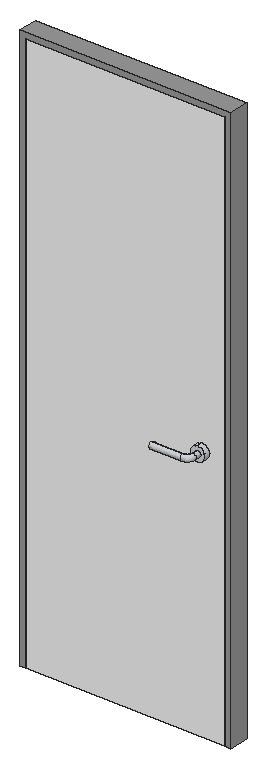
Revit family "- Acero Roman", category Doors, host Wall, Revit 2018
Family settings
  Host = Wall
  OmniClass Number = 23.30.10.00
  OmniClass Title = Doors
  Always vertical = Yes
  Cut with Voids When Loaded = No
  Shared = No
  Room Calculation Point = No
Parameters (values of type "- 70 x 200 cm")
  Bisagras = ""
  Set de Marcos = ""
  Relleno = ""
  Material Marco = - Perfil Aluminio
  Material Hoja = - Acero
  Manilla = - Manilla
  Hojas = "Simple de Abatir"
  Function = Interior
  Frame Projection Ext. = 2.50 cm
  Frame Projection Int. = 2.50 cm
  Frame Width = 7.50 cm
  Height = 200.00 cm
  Wall Closure = By host
  Width = 74.00 cm
  Distancia a Cara Interior = 6.00 cm
  Ancho Hoja = Width - 4.00 cm  # 70.00 cm
  Ancho = Width  # 74.00 cm
  Analytic Construction = "<None>"
  Alto = Height  # 200.00 cm
Types (12, lengths in cm): name | Height | Width | Ancho Hoja | Ancho | Alto
  - 70 x 200 cm | 200.00 | 74.00 | 70.00 | 74.00 | 200.00
  - 75 x 200 cm | 200.00 | 79.00 | 75.00 | 79.00 | 200.00
  - 80 x 200 cm | 200.00 | 84.00 | 80.00 | 84.00 | 200.00
  - 85 x 200 cm | 200.00 | 89.00 | 85.00 | 89.00 | 200.00
  - 90 x 200 cm | 200.00 | 94.00 | 90.00 | 94.00 | 200.00
  -100 x 200 cm | 200.00 | 104.00 | 100.00 | 104.00 | 200.00
  - 70 x 210 cm | 210.00 | 74.00 | 70.00 | 74.00 | 210.00
  - 75 x 210 cm | 210.00 | 79.00 | 75.00 | 79.00 | 210.00
  - 80 x 210 cm | 210.00 | 84.00 | 80.00 | 84.00 | 210.00
  - 85 x 210 cm | 210.00 | 89.00 | 85.00 | 89.00 | 210.00
  - 90 x 210 cm | 210.00 | 94.00 | 90.00 | 94.00 | 210.00
  - 100 x 210 cm | 210.00 | 104.00 | 100.00 | 104.00 | 210.00
Reference planes (cm)
  plane 1: y = 0
  plane 2 "Center (Left/Right)": x = 0
  plane 3 "Left": x = -37
  plane 4 "Right": x = 37
  plane 5: z = 200
  plane 6 "Exterior": y = 7.5
  plane 7 "Interior": y = -7.5
  plane 8: y = -1.5
  plane 9: z = 198
  plane 10: x = -35
  plane 11: x = 35
Forms (cm)
  Sweep 1, solid, material "- Perfil Aluminio" <- "Material Marco"
    path origin (0, 7.5, 0) x (1, 0, 0) y (0, 0, 1)
      loop
        line (37, 0) -> (37, 200) -> (-37, 200) -> (-37, 0)
    profile origin (37, 7.5, 100) x (-1, 0, 0) y (0, -1, 0)
      loop
        line (0, 2) -> (3, 2) -> (3, 4.3) -> (2, 4.3) -> (2, 9) -> (0, 9) -> (0, 2)
  Extrusion 2, solid, material "- Acero" <- "Material Hoja"
    sketch origin (0, 0, 0) x (1, 0, 0) y (0, 1, 0)
      loop
        line (-35, -1.5) -> (35, -1.5) -> (35, 3) -> (-35, 3) -> (-35, -1.5)
    from 0 to 198
  Sweep 3, solid, material "- Manilla" <- "Manilla", not visible
    path origin (5.8483, -7.5601, 0) x (1, 0, 0) y (0, 1, 0)
      loop
        line (22.1517, 15.0613) -> (32.1517, 15.0613)
        arc (32.1517, 15.0613) -> (33.5659, 14.4756) -> (34.1517, 13.0613) r 2
        line (34.1517, 13.0613) -> (34.1517, 11.0613)
    profile origin (33, 7.5012, 0) x (0, 1, 0) y (0, 0, 1)
      loop
        circle (0, 90) r 1
  Extrusion 4, solid, material "- Manilla" <- "Manilla", not visible
    sketch origin (0, 7.5, 0) x (1, 0, 0) y (0, 0, 1)
      loop
        circle (40, 90) r 2.5
    from 3.9988 to 5
Lines and regions (cm)
  Opening 1
    outline origin (-305, -7.5, 0) x (1, 0, 0) y (0, 0, 1)
      loop
        line (268, 0) -> (342, 0) -> (342, 200) -> (268, 200) -> (268, 0)
  symbolic lines, style "Elevation Swing"
    curve 1: line (37, -7.5, 100) -> (-37, -7.5, 200)
    curve 2: line (37, -7.5, 100) -> (-37, -7.5, 0)
    curve 7: arc (-30.5, -71.5, 0) -> (16.4246, -49.6941, 0) -> (35.2596, -1.5001, 0) r 69.4706
  symbolic lines
    curve 3: line (-35, -1.5, 0) -> (-35, -71.5, 0)
    curve 4: line (-30.5, -1.5, 0) -> (-35, -1.5, 0)
    curve 5: line (-30.5, -71.5, 0) -> (-30.5, -1.5, 0)
    curve 6: line (-35, -71.5, 0) -> (-30.5, -71.5, 0)
  model lines, not visible
    curve 8: line (-20, 3, 25) -> (20, 3, 25)
    curve 9: line (-20, 3, 65) -> (-20, 3, 25)
    curve 10: line (20, 3, 65) -> (8.6603, 3, 65)
    curve 11: line (20, 3, 25) -> (20, 3, 65)
    curve 12: line (-20, 3, 75) -> (-8.6603, 3, 75)
    curve 13: line (-20, 3, 75) -> (-20, 3, 169.9666)
    curve 14: line (20, 3, 75) -> (20, 3, 169.9666)
    curve 15: arc (-8.6603, 3, 65) -> (0, 3, 60) -> (8.6603, 3, 65) r 10
    curve 16: line (8.6603, 3, 75) -> (20, 3, 75)
    curve 17: line (-8.6603, 3, 65) -> (-20, 3, 65)
    curve 18: arc (8.6603, 3, 75) -> (0, 3, 80) -> (-8.6603, 3, 75) r 10
    curve 19: arc (14.9666, 3, 175) -> (0, 3, 183) -> (-14.9666, 3, 175) r 18
    curve 20: arc (-20, 3, 169.9666) -> (-16.4409, 3, 171.4409) -> (-14.9666, 3, 175) r 5.0334
    curve 21: arc (14.9666, 3, 175) -> (16.4409, 3, 171.4409) -> (20, 3, 169.9666) r 5.0334
    curve 22: line (-9.2195, 3, 64) -> (-19, 3, 64)
    curve 23: line (-19, 3, 64) -> (-19, 3, 26)
    curve 24: arc (9.2195, 3, 64) -> (0, 3, 59) -> (-9.2195, 3, 64) r 11
    curve 25: line (19, 3, 64) -> (9.2195, 3, 64)
    curve 26: line (19, 3, 26) -> (19, 3, 64)
    curve 27: line (-19, 3, 26) -> (19, 3, 26)
    curve 28: line (-18.9928, 3, 168.9932) -> (-18.9928, 3, 76)
    curve 29: arc (-13.9941, 3, 174.9045) -> (-15.4113, 3, 171.0338) -> (-18.9928, 3, 168.9932) r 5.9946
    curve 30: arc (13.9971, 3, 174.7848) -> (0.0327, 3, 182.1538) -> (-13.9941, 3, 174.9045) r 17.0542
    curve 31: arc (19, 3, 169.1276) -> (15.4988, 3, 171.072) -> (13.9971, 3, 174.7848) r 6.0089
    curve 32: line (19, 3, 76) -> (19, 3, 169.1276)
    curve 33: line (9.2195, 3, 76) -> (19, 3, 76)
    curve 34: arc (-9.2195, 3, 76) -> (0, 3, 81) -> (9.2195, 3, 76) r 11
    curve 35: line (-18.9928, 3, 76) -> (-9.2195, 3, 76)
    curve 36: arc (12.052, 3, 174.0667) -> (0.0498, 3, 180.1537) -> (-12.0243, 3, 174.2107) r 15.0542
    curve 37: arc (-12.0243, 3, 174.2107) -> (-13.561, 3, 170.1508) -> (-16.9928, 3, 167.4925) r 7.9946
    curve 38: line (-16.9928, 3, 167.4925) -> (-16.9928, 3, 78)
    curve 39: line (17, 3, 78) -> (17, 3, 167.6269)
    curve 40: arc (17, 3, 167.6269) -> (13.6492, 3, 170.1731) -> (12.052, 3, 174.0667) r 8.0089
    curve 41: line (-16.9928, 3, 78) -> (-10.247, 3, 78)
    curve 42: arc (-10.247, 3, 78) -> (0, 3, 83) -> (10.247, 3, 78) r 13
    curve 43: line (10.247, 3, 78) -> (17, 3, 78)
    curve 44: line (-10.247, 3, 62) -> (-17, 3, 62)
    curve 45: arc (10.247, 3, 62) -> (0, 3, 57) -> (-10.247, 3, 62) r 13
    curve 46: line (17, 3, 62) -> (10.247, 3, 62)
    curve 47: line (17, 3, 28) -> (17, 3, 62)
    curve 48: line (-17, 3, 28) -> (17, 3, 28)
    curve 49: line (-17, 3, 62) -> (-17, 3, 28)
    curve 50: line (-314, -1.5, 25) -> (-274, -1.5, 25)
    curve 51: line (-314, -1.5, 65) -> (-314, -1.5, 25)
    curve 52: line (-274, -1.5, 25) -> (-274, -1.5, 65)
    curve 53: line (-314, -1.5, 70) -> (-274, -1.5, 70)
    curve 54: line (-314, -1.5, 70) -> (-314, -1.5, 87)
    curve 55: line (-274, -1.5, 70) -> (-274, -1.5, 87)
    curve 56: line (-274, -1.5, 65) -> (-314, -1.5, 65)
    curve 57: line (-275, -1.5, 64) -> (-313, -1.5, 64)
    curve 58: line (-313, -1.5, 64) -> (-313, -1.5, 26)
    curve 59: line (-275, -1.5, 26) -> (-275, -1.5, 64)
    curve 60: line (-313, -1.5, 26) -> (-275, -1.5, 26)
    curve 61: line (-312.9928, -1.5, 86) -> (-312.9928, -1.5, 71)
    curve 62: line (-275, -1.5, 71) -> (-275, -1.5, 86)
    curve 63: line (-312.9928, -1.5, 71) -> (-275, -1.5, 71)
    curve 64: line (-310.9928, -1.5, 84) -> (-310.9928, -1.5, 73)
    curve 65: line (-277, -1.5, 73) -> (-277, -1.5, 84)
    curve 66: line (-310.9928, -1.5, 73) -> (-277, -1.5, 73)
    curve 67: line (-277, -1.5, 62) -> (-311, -1.5, 62)
    curve 68: line (-277, -1.5, 28) -> (-277, -1.5, 62)
    curve 69: line (-311, -1.5, 28) -> (-277, -1.5, 28)
    curve 70: line (-311, -1.5, 62) -> (-311, -1.5, 28)
    curve 71: line (-310.9928, -1.5, 84) -> (-277, -1.5, 84)
    curve 72: line (-314, -1.5, 87) -> (-274, -1.5, 87)
    curve 73: line (-312.9928, -1.5, 86) -> (-275, -1.5, 86)
    curve 74: line (-310.9928, -1.5, 84) -> (-277, -1.5, 84)
    curve 75: line (-314, -1.5, 97) -> (-274, -1.5, 97)
    curve 76: line (-314, -1.5, 185) -> (-314, -1.5, 97)
    curve 77: line (-274, -1.5, 97) -> (-274, -1.5, 185)
    curve 78: line (-274, -1.5, 185) -> (-314, -1.5, 185)
    curve 79: line (-275, -1.5, 184) -> (-313, -1.5, 184)
    curve 80: line (-313, -1.5, 184) -> (-313, -1.5, 98)
    curve 81: line (-275, -1.5, 98) -> (-275, -1.5, 184)
    curve 82: line (-313, -1.5, 98) -> (-275, -1.5, 98)
    curve 83: line (-277, -1.5, 182) -> (-311, -1.5, 182)
    curve 84: line (-277, -1.5, 100) -> (-277, -1.5, 182)
    curve 85: line (-311, -1.5, 100) -> (-277, -1.5, 100)
    curve 86: line (-311, -1.5, 182) -> (-311, -1.5, 100)
    curve 87: line (-320, 3, 25) -> (-280, 3, 25)
    curve 88: line (-320, 3, 65) -> (-320, 3, 25)
    curve 89: line (-280, 3, 25) -> (-280, 3, 65)
    curve 90: line (-320, 3, 72.5) -> (-280, 3, 72.5)
    curve 91: line (-280, 3, 65) -> (-320, 3, 65)
    curve 92: line (-281, 3, 64) -> (-319, 3, 64)
    curve 93: line (-319, 3, 64) -> (-319, 3, 26)
    curve 94: line (-281, 3, 26) -> (-281, 3, 64)
    curve 95: line (-319, 3, 26) -> (-281, 3, 26)
    curve 96: line (-319, 3, 73.5) -> (-281, 3, 73.5)
    curve 97: line (-317, 3, 75.5) -> (-283, 3, 75.5)
    curve 98: line (-283, 3, 62) -> (-317, 3, 62)
    curve 99: line (-283, 3, 28) -> (-283, 3, 62)
    curve 100: line (-317, 3, 28) -> (-283, 3, 28)
    curve 101: line (-317, 3, 62) -> (-317, 3, 28)
    curve 102: line (-320, 3, 179.3431) -> (-320, 3, 72.5)
    curve 103: line (-280, 3, 72.5) -> (-280, 3, 179.3431)
    curve 104: line (-319, 3, 178.3431) -> (-319, 3, 73.5)
    curve 105: line (-281, 3, 73.5) -> (-281, 3, 178.3431)
    curve 106: line (-283, 3, 75.5) -> (-283, 3, 176.3431)
    curve 107: line (-317, 3, 176.3431) -> (-317, 3, 75.5)
    curve 108: arc (-292, 3, 181) -> (-300, 3, 185) -> (-308, 3, 181) r 10
    curve 109: arc (-292, 3, 181) -> (-290.1648, 3, 179.7737) -> (-288, 3, 179.3431) r 5.6569
    curve 110: arc (-308, 3, 181) -> (-309.8352, 3, 179.7737) -> (-312, 3, 179.3431) r 5.6569
    curve 111: line (-288, 3, 179.3431) -> (-280, 3, 179.3431)
    curve 112: line (-312, 3, 179.3431) -> (-320, 3, 179.3431)
    curve 113: line (-281, 3, 178.3431) -> (-288, 3, 178.3431)
    curve 114: arc (-288, 3, 178.3431) -> (-290.5825, 3, 178.8645) -> (-292.7604, 3, 180.3468) r 6.6569
    curve 115: arc (-292.7604, 3, 180.3468) -> (-300, 3, 184) -> (-307.2396, 3, 180.3468) r 9
    curve 116: arc (-307.2396, 3, 180.3468) -> (-309.4175, 3, 178.8645) -> (-312, 3, 178.3431) r 6.6569
    curve 117: line (-312, 3, 178.3431) -> (-319, 3, 178.3431)
    curve 118: line (-283, 3, 176.3431) -> (-288, 3, 176.3431)
    curve 119: arc (-288, 3, 176.3431) -> (-291.43, 3, 177.0516) -> (-294.2985, 3, 179.0611) r 8.6569
    curve 120: arc (-294.2985, 3, 179.0611) -> (-300, 3, 182) -> (-305.7015, 3, 179.0611) r 7
    curve 121: arc (-305.7015, 3, 179.0611) -> (-308.57, 3, 177.0516) -> (-312, 3, 176.3431) r 8.6569
    curve 122: line (-312, 3, 176.3431) -> (-317, 3, 176.3431)
    curve 130: line (298, -1.5, 25) -> (346, -1.5, 25)
    curve 131: line (298, -1.5, 65) -> (298, -1.5, 25)
    curve 132: line (346, -1.5, 25) -> (346, -1.5, 65)
    curve 133: line (298, -1.5, 77.5) -> (346, -1.5, 77.5)
    curve 134: line (346, -1.5, 65) -> (298, -1.5, 65)
    curve 135: line (298, -1.5, 176.5147) -> (298, -1.5, 77.5)
    curve 136: line (346, -1.5, 77.5) -> (346, -1.5, 176.5147)
    curve 138: arc (298, -1.5, 176.5147) -> (322, -1.5, 185) -> (346, -1.5, 176.5147) r 38.1838
    curve 147: line (302, 3, 25) -> (350, 3, 25)
    curve 148: line (302, 3, 65) -> (302, 3, 25)
    curve 149: line (350, 3, 25) -> (350, 3, 65)
    curve 150: line (302, 3, 77.5) -> (350, 3, 77.5)
    curve 151: line (350, 3, 65) -> (302, 3, 65)
    curve 152: line (302, 3, 176.5147) -> (302, 3, 77.5)
    curve 153: line (350, 3, 77.5) -> (350, 3, 176.5147)
    curve 154: arc (302, 3, 176.5147) -> (326, 3, 185) -> (350, 3, 176.5147) r 38.1838
  model lines
    curve 123: line (-24, -1.5, 25) -> (24, -1.5, 25)
    curve 124: line (-24, -1.5, 65) -> (-24, -1.5, 25)
    curve 125: line (24, -1.5, 25) -> (24, -1.5, 65)
    curve 126: line (-24, -1.5, 77.5) -> (24, -1.5, 77.5)
    curve 127: line (24, -1.5, 65) -> (-24, -1.5, 65)
    curve 128: line (-24, -1.5, 176.5147) -> (-24, -1.5, 77.5)
    curve 129: line (24, -1.5, 77.5) -> (24, -1.5, 176.5147)
    curve 137: arc (-24, -1.5, 176.5147) -> (0, -1.5, 185) -> (24, -1.5, 176.5147) r 38.1838
    curve 139: line (-24, 3, 25) -> (24, 3, 25)
    curve 140: line (-24, 3, 65) -> (-24, 3, 25)
    curve 141: line (24, 3, 25) -> (24, 3, 65)
    curve 142: line (-24, 3, 77.5) -> (24, 3, 77.5)
    curve 143: line (24, 3, 65) -> (-24, 3, 65)
    curve 144: line (-24, 3, 176.5147) -> (-24, 3, 77.5)
    curve 145: line (24, 3, 77.5) -> (24, 3, 176.5147)
    curve 146: arc (-24, 3, 176.5147) -> (0, 3, 185) -> (24, 3, 176.5147) r 38.1838
Text (cm)
  text "Exterior" at (-229.5016, 109.9543, 0), in view "Ref. Level"
  text "Exterior" at (0, 161.538, 369.8081), in view "Left"
  text "Exterior" at (0, 103.6032, 387.4932), in view "Right"
Dimensions and locks (cm)
  equal spacing: plane 3 "Left", plane 2 "Center (Left/Right)", plane 4 "Right"
  "Width": plane 3 "Left" to plane 4 "Right"
  "Height": plane 5 to host wall
  equal spacing: host wall, curve 2, plane 5
  host wall to plane 5 = 200.00 cm
  locked: plane 6 "Exterior" to host wall at 0
  locked: plane 7 "Interior" to host wall
  "Distancia a Cara Interior": plane 7 "Interior" to plane 8
  locked: Sweep 1 sketch curve to Sweep 1 sketch curve at 7
  locked: plane 9 to plane 5 at 2
  locked: curve 3 to curve 5 at 4.5
  locked: plane 3 "Left" to plane 10 at 2
  locked: plane 11 to plane 4 "Right" at 2
  "Ancho Hoja": curve 6 to curve 4
  locked: Extrusion 2 sketch curve to Extrusion 2 sketch curve at 4.5
  locked: nested 1 to plane 4 "Right" at 10
  level to nested 1 = 90.00 cm
  locked: nested 2 to plane 4 "Right" at 10
  locked: nested 2 to level at 90
  locked: Sweep 1 sketch curve to Sweep 1 sketch curve at 2.3
  locked: curve 125 to plane 2 "Center (Left/Right)" at 24
  locked: curve 137 to Extrusion 2 at 185
  locked: Extrusion 2 to curve 146 at 185
  locked: plane 2 "Center (Left/Right)" to curve 140 at 24
  aligned and locked: plane 3 "Left" to Opening 1 sketch curve
  aligned and locked: plane 5 to Opening 1 sketch curve  (x2)
  aligned and locked: Opening 1 sketch curve to plane 4 "Right"
  aligned and locked: Opening 1 sketch curve to level
  aligned and locked: plane 5 to curve 1
  aligned and locked: plane 3 "Left" to curve 2
  aligned and locked: plane 1 to host wall
  aligned and locked: plane 3 "Left" to curve 1
  aligned and locked: plane 8 to Sweep 1 sketch curve
  aligned and locked: Extrusion 2 sketch curve to plane 8
  aligned and locked: Sweep 1 to level
  aligned and locked: plane 10 to curve 3
  aligned and locked: Sweep 3 to Extrusion 4
  aligned and locked: Extrusion 2 to plane 9
Automatic sketch dimensions
  plane 4 "Right" to curve 2 = 0.00 cm
  curve 2 to level = 0.00 cm
  plane 3 "Left" to Sweep 1 sketch curve = 0.00 cm
  plane 4 "Right" to Sweep 1 sketch curve = 0.00 cm
  Sweep 1 sketch curve to level = 0.00 cm  (x2)
  Sweep 1 sketch curve to plane 5 = 0.00 cm
  Sweep 1 sketch curve to profile plane = 0.00 cm
  Sweep 1 sketch curve to profile plane = 2.00 cm
  Sweep 1 sketch curve to Sweep 1 sketch curve = 1.00 cm
  curve 7 to plane 8 = 0.0001 cm
  curve 7 to plane 11 = 0.2596 cm
  curve 4 to plane 8 = 0.00 cm
  curve 7 to plane 10 = 0.7919 cm
  Sweep 3 sketch curve to Sweep 3 sketch curve = 10.00 cm
  Sweep 3 sketch curve to Sweep 3 sketch curve = 2.00 cm  (x2)
  Sweep 3 sketch curve to profile plane = 0.00 cm
  profile plane to Sweep 3 sketch curve = 90.00 cm
  Extrusion 2 sketch curve to plane 10 = 0.00 cm
  Extrusion 2 sketch curve to plane 11 = 0.00 cm
  curve 15 to curve 18 = 0.00 cm  (x4)
  curve 15 to curve 24 = 0.00 cm  (x4)
  curve 15 to curve 34 = 0.00 cm  (x4)
  curve 15 to curve 42 = 0.00 cm  (x4)
  curve 15 to curve 45 = 0.00 cm  (x4)
  curve 29 to curve 37 = 0.00 cm  (x4)
  curve 30 to curve 36 = 0.00 cm  (x4)
  curve 31 to curve 40 = 0.00 cm  (x4)
  curve 8 to curve 31 = 0.00 cm
  curve 21 to curve 31 = 0.00 cm
  curve 14 to curve 32 = 1.00 cm
  curve 10 to curve 26 = 1.00 cm
  curve 26 to curve 47 = 2.00 cm
  curve 32 to curve 39 = 2.00 cm
  curve 46 to curve 46 = 6.753 cm
  curve 39 to curve 43 = 6.753 cm
  curve 42 to curve 33 = 1.0274 cm
  curve 45 to curve 25 = 1.0274 cm
  curve 33 to curve 16 = 0.5593 cm
  curve 24 to curve 10 = 0.5593 cm
  curve 16 to curve 24 = 8.6603 cm
  curve 39 to curve 19 = 17.00 cm
  curve 19 to curve 36 = 0.0402 cm
  curve 15 to curve 12 = 8.6603 cm
  curve 15 to curve 17 = 8.6603 cm
  curve 15 to curve 22 = 0.5593 cm
  curve 12 to curve 35 = 0.5593 cm
  curve 22 to curve 44 = 1.0274 cm
  curve 34 to curve 41 = 1.0274 cm
  curve 41 to curve 38 = 6.7459 cm
  curve 47 to curve 48 = 34.00 cm
  curve 38 to curve 35 = 2.00 cm
  curve 44 to curve 22 = 2.00 cm
  curve 28 to curve 29 = 0.9959 cm
  curve 29 to curve 20 = 0.0113 cm
  curve 22 to curve 17 = 1.00 cm
  curve 8 to curve 26 = 1.00 cm
  curve 23 to curve 49 = 2.00 cm
  curve 48 to curve 49 = 34.00 cm
  curve 45 to curve 25 = 2.00 cm
  curve 25 to curve 10 = 1.00 cm
  curve 10 to curve 45 = 5.00 cm
  curve 10 to curve 16 = 10.00 cm
  curve 12 to curve 35 = 1.00 cm
  curve 34 to curve 41 = 2.00 cm
  curve 41 to curve 19 = 87.00 cm
  curve 19 to curve 30 = 0.0997 cm
  curve 36 to curve 38 = 2.3928 cm
  curve 19 to curve 39 = 2.6269 cm
  curve 37 to curve 28 = 1.5007 cm
  curve 39 to curve 32 = 1.5007 cm
  curve 28 to curve 13 = 0.9734 cm
  curve 31 to curve 14 = 0.839 cm
  curve 13 to curve 29 = 4.9378 cm
  curve 29 to curve 20 = 0.0955 cm
  curve 21 to curve 40 = 0.0527 cm
  curve 31 to curve 36 = 1.9451 cm
  curve 55 to curve 62 = 1.4142 cm
  curve 59 to curve 68 = 2.8284 cm
  curve 62 to curve 65 = 2.8284 cm
  curve 53 to curve 63 = 1.4142 cm
  curve 57 to curve 67 = 2.8284 cm
  curve 66 to curve 64 = 33.9928 cm
  curve 68 to curve 69 = 34.00 cm
  curve 64 to curve 63 = 2.8284 cm
  curve 67 to curve 57 = 2.8284 cm
  curve 57 to curve 56 = 1.4142 cm
  curve 50 to curve 59 = 1.4142 cm
  curve 58 to curve 70 = 2.8284 cm
  curve 69 to curve 70 = 34.00 cm  (x2)
  curve 53 to curve 63 = 1.4193 cm
  curve 65 to curve 62 = 2.8284 cm
  curve 61 to curve 54 = 1.4193 cm
  curve 18 to curve 24 = 0.00 cm  (x2)
  curve 18 to curve 34 = 0.00 cm  (x2)
  curve 18 to curve 42 = 0.00 cm  (x2)
  curve 18 to curve 45 = 0.00 cm  (x2)
  curve 24 to curve 34 = 0.00 cm  (x2)
  curve 24 to curve 42 = 0.00 cm  (x2)
  curve 24 to curve 45 = 0.00 cm  (x2)
  curve 34 to curve 42 = 0.00 cm  (x2)
  curve 34 to curve 45 = 0.00 cm  (x2)
  curve 42 to curve 45 = 0.00 cm  (x2)
  curve 72 to curve 51 = 0.00 cm
  curve 75 to curve 54 = 0.00 cm
  curve 76 to curve 79 = 1.00 cm
  curve 51 to curve 57 = 1.00 cm
  curve 53 to curve 63 = 1.0072 cm
  curve 79 to curve 86 = 2.00 cm
  curve 58 to curve 70 = 2.00 cm
  curve 61 to curve 66 = 2.00 cm
  curve 64 to curve 65 = 33.9928 cm
  curve 69 to curve 69 = 34.00 cm
  curve 85 to curve 65 = 0.00 cm
  curve 68 to curve 60 = 2.00 cm
  curve 65 to curve 63 = 2.00 cm
  curve 84 to curve 82 = 2.00 cm
  curve 62 to curve 55 = 1.00 cm
  curve 57 to curve 56 = 1.00 cm  (x2)
  curve 79 to curve 78 = 1.00 cm  (x2)
  curve 50 to curve 59 = 1.00 cm
  curve 59 to curve 68 = 2.00 cm
  curve 67 to curve 57 = 2.00 cm
  curve 52 to curve 53 = 5.00 cm
  curve 53 to curve 63 = 1.00 cm
  curve 62 to curve 66 = 2.00 cm
  curve 65 to curve 71 = 11.00 cm
  curve 65 to curve 62 = 2.00 cm
  curve 62 to curve 72 = 1.00 cm
  curve 55 to curve 75 = 10.00 cm
  curve 75 to curve 82 = 1.00 cm
  curve 81 to curve 84 = 2.00 cm
  curve 84 to curve 84 = 82.00 cm
  curve 83 to curve 79 = 2.00 cm
  curve 87 to curve 90 = 0.00 cm
  curve 103 to curve 105 = 1.00 cm
  curve 89 to curve 92 = 1.00 cm
  curve 105 to curve 106 = 2.00 cm
  curve 92 to curve 99 = 2.00 cm
  curve 98 to curve 98 = 34.00 cm
  curve 106 to curve 107 = 34.00 cm
  curve 97 to curve 96 = 2.00 cm
  curve 98 to curve 92 = 2.00 cm
  curve 96 to curve 102 = 1.00 cm
  curve 92 to curve 91 = 1.00 cm
  curve 87 to curve 94 = 1.00 cm
  curve 94 to curve 99 = 2.00 cm
  curve 100 to curve 101 = 34.00 cm
  curve 98 to curve 93 = 2.00 cm
  curve 92 to curve 89 = 1.00 cm
  curve 89 to curve 103 = 7.50 cm
  curve 90 to curve 105 = 1.00 cm
  curve 96 to curve 106 = 2.00 cm
  curve 97 to curve 107 = 100.8431 cm
  curve 106 to curve 107 = 0.00 cm
  curve 106 to curve 105 = 2.00 cm
  curve 105 to curve 103 = 1.00 cm
  curve 123 to curve 126 = 52.50 cm
  curve 125 to curve 129 = 12.50 cm  (x2)
  curve 130 to curve 133 = 52.50 cm
  curve 132 to curve 136 = 12.50 cm  (x2)
  curve 108 to curve 115 = 0.00 cm  (x4)
  curve 108 to curve 120 = 0.00 cm  (x4)
  curve 109 to curve 114 = 0.00 cm  (x3)
  curve 109 to curve 119 = 0.00 cm  (x4)
  curve 110 to curve 116 = 0.00 cm  (x3)
  curve 110 to curve 121 = 0.00 cm  (x3)
  curve 114 to curve 119 = 0.00 cm  (x3)
  curve 116 to curve 121 = 0.00 cm  (x4)
  curve 106 to curve 111 = 5.00 cm
  curve 118 to curve 115 = 12.00 cm
  curve 110 to curve 104 = 7.00 cm
  curve 115 to curve 106 = 1.3431 cm
  curve 122 to curve 117 = 2.00 cm
  curve 117 to curve 112 = 1.00 cm
  curve 110 to curve 121 = 5.6569 cm
  curve 111 to curve 109 = 5.6569 cm
  curve 109 to curve 109 = 4.00 cm
  curve 108 to curve 115 = 0.7604 cm
  curve 115 to curve 119 = 1.5381 cm
  curve 115 to curve 120 = 0.00 cm  (x2)
  curve 128 to curve 124 = 0.00 cm
  curve 135 to curve 131 = 0.00 cm
  curve 139 to curve 142 = 52.50 cm
  curve 141 to curve 145 = 12.50 cm  (x3)
  curve 144 to curve 140 = 111.5147 cm
  curve 147 to curve 150 = 52.50 cm
  curve 149 to curve 153 = 12.50 cm  (x3)
  curve 152 to curve 148 = 111.5147 cm
  curve 142 to curve 139 = 0.00 cm
  curve 150 to curve 147 = 0.00 cm
  curve 145 to curve 146 = 24.00 cm
  curve 146 to curve 144 = 24.00 cm
  curve 142 to curve 146 = 69.3162 cm
  curve 146 to curve 145 = 29.6985 cm
  curve 139 to curve 140 = 48.00 cm
  curve 139 to curve 140 = 40.00 cm
  curve 153 to curve 154 = 24.00 cm
  curve 154 to curve 152 = 24.00 cm
  curve 150 to curve 154 = 69.3162 cm
  curve 154 to curve 153 = 29.6985 cm
  curve 147 to curve 148 = 48.00 cm
  curve 147 to curve 148 = 40.00 cm
  curve 128 to curve 137 = 24.00 cm
  curve 129 to curve 125 = 0.00 cm
  curve 126 to curve 137 = 69.3162 cm
  curve 137 to curve 129 = 29.6985 cm
  curve 123 to curve 125 = 48.00 cm
  curve 123 to curve 124 = 40.00 cm
  curve 135 to curve 138 = 24.00 cm
  curve 136 to curve 132 = 0.00 cm
  curve 133 to curve 138 = 69.3162 cm
  curve 138 to curve 136 = 29.6985 cm
  curve 130 to curve 132 = 48.00 cm
  curve 130 to curve 131 = 40.00 cm
  radius of Sweep 3 sketch curve = 1.00 cm
  radius of Extrusion 4 sketch curve = 2.50 cm
Nested families (cm)
  nested 1: "- Manilla Generica Puerta" at (27, 3, 90) x (0, 0, -1) z (0, 1, 0), type "- Manilla Generica Puerta"
  nested 2: "- Manilla Generica Puerta" at (27, -1.5, 90) x (0, 0, -1) z (0, -1, 0), type "- Manilla Generica Puerta"
Definition of nested family "- Manilla Generica Puerta"
  Parameters (values of type "- Manilla Generica Puerta")
    Manilla = none
    Default Elevation = 121.92 cm
  Reference planes (cm)
    plane 1 "Center (Front/Back)": y = 0
    plane 2: z = 0
    plane 3 "Center (Left/Right)": x = 0
    plane 4: z = 2
  Forms (cm)
    Extrusion 1, solid
      sketch origin (0, 0, 0) x (1, 0, 0) y (0, 1, 0)
        loop
          line (-121.92, 121.92) -> (-121.92, -121.92) -> (121.92, -121.92) -> (121.92, 121.92) -> (-121.92, 121.92)
      from 0 to -30.48
    Extrusion 2, solid, material <- "Manilla"
      sketch origin (0, 0, 0) x (1, 0, 0) y (0, 1, 0)
        loop
          circle (0, 0) r 2.5
      from 0 to 2
    Sweep 3, solid, material <- "Manilla"
      path origin (0, 0, 0) x (0, 1, 0) y (0, 0, 1)
        loop
          line (0, 2) -> (0, 4)
          arc (0, 4) -> (0.5858, 5.4142) -> (2, 6) r 2
          line (2, 6) -> (13, 6)
      profile origin (0, 0, 3) x (0, -1, 0) y (1, 0, 0)
        loop
          circle (0, 0) r 1
  Dimensions and locks (cm)
    locked: Extrusion 2 to Extrusion 2 at 2
    locked: plane 4 to level at 2
    aligned and locked: plane 2 to Extrusion 1
    aligned and locked: level to Extrusion 1
    aligned and locked: plane 4 to Sweep 3
